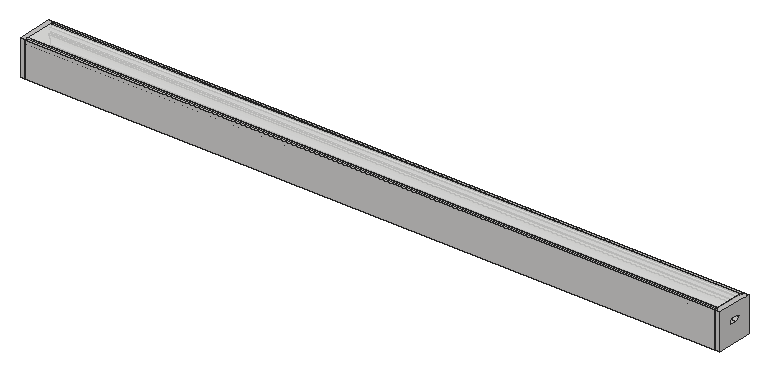
Revit family "Lighting - Luminii - Bosca static white wet - Array", category Lighting Fixtures, host Face, Revit 2020
Family settings
  Host = Face
  Round Connector Dimension = Use Diameter
  Part Type = Normal
  OmniClass Number = 23.80.70.11.14.21
  OmniClass Title = Spots and Tracklight Specialties
  Cut with Voids When Loaded = No
  Light Source = No
  Shared = Yes
  Room Calculation Point = No
Parameters (values of type "Bosca Static White Wet - High Efficacy")
  Width = 77/128"  # constant formula
  Wattage Comments = "2.8 W/ft"
  Warranty URL = "https://www.luminii.com/terms-conditions/"
  Voltage Comments = "120VAC - 277VAC"  # constant formula
  Voltage = 120 V
  Version = "2020 - v1.0a"  # constant formula
  URL = "https://www.luminii.com/"
  Support Phone = "224-699-9545"  # constant formula
  Support Email = "mailto:support@bimsmith.com"
  Product Page URL = "https://www.luminii.com/product/bosca-wet-static-white/"
  Product Name = "Bosca – Static White Wet"  # constant formula
  Product Documentation Link = "https://www.luminii.com/wp-content/uploads/z_special_catalog_products/products/bosca-wet-static-white/specsheets/Bosca-Wet-Static-White-Spec.pdf"
  Power Source Type = "Driver"  # constant formula
  Power Factor = 1
  Phase = 1
  Output Option [instance] = if(High Color Quality, "72SO | 72HO | 72VHO", "HE48LO | HE48SO | HE48MO | HE48HO | HE64VHO")  # "HE48LO | HE48SO | HE48MO | HE48HO | HE64VHO"
  Output [instance] = if(High Color Quality, "High Color Quality", "High Efficacy")  # "High Efficacy"
  Operating Temperature = "Consult Manufacturer Website for more Information"  # constant formula
  Number of Poles = if(and(or(Voltage = 120 V, Voltage = 277 V), Phase = 1), 1, if(and(or(Voltage = 208 V, Voltage = 240 V), Phase = 1), 2, if(and(or(Voltage = 208 V, Voltage = 240 V), Phase = 3), 3, if(and(Voltage > 300 V, Phase = 1), 2, if(and(Voltage > 400 V, Phase = 3), 3, 1)))))  # 1
  Mounting Method = "Surface Mount"  # constant formula
  Model = "BOSW"
  Manufacturer Phone Number = "224-333-6033"  # constant formula
  Manufacturer Email = "mailto:info@luminii.com"
  Manufacturer Address = "7777 N Merrimac Ave, Niles, IL 60714"  # constant formula
  Manufacturer = "Luminii"  # constant formula
  Lumen Output = "129 lm/ft"
  Load Classification = Lighting
  Lens Material = Plastic - Luminii - Frosted Lens
  Length Comments [instance] = "Perfomance based on 1\" Photometric Web File, consult Manufacturer for custom sizes"  # constant formula
  Length [instance] = if(Desired Length < 12", 12", if(Desired Length > 144", 144", (round(Desired Length / 1")) * 1"))  # 12"
  Lamp Life = 1
  Lamp = "LED"  # constant formula
  C LED Number [instance] = Length / 1"  # 12
  Keynote = "26 50 00"
  Instruction Sheet Link = "https://www.luminii.com/wp-content/uploads/z_special_catalog_products/products/bosca-wet-static-white/install-guides/BOSCA_WET_instructions.pdf"
  Initial Color Comments = "Perfomance based on 3000K Photometric Web File"  # constant formula
  Housing Protection Rating = "IP68 Wet Rated"  # constant formula
  High Efficacy = not(High Color Quality)  # yes
  High Color Quality = no
  Has Dimming = 1 = 1  # yes
  Has Battery Backup = 0 = 1  # no
  Frequency Comments = ""  # constant formula
  Frequency = 60 Hz
  Finish = Metal - Luminii - Silver Anodized Aluminum
  Environment = "Indoor"  # constant formula
  Desired Length [instance] = 12"
  Description = "Linear Illumination System"  # constant formula
  Depth = 77/128"  # constant formula
  Default Elevation = 0"  # constant formula
  Current Amps = 50 A
  Copyright = "©2023 Luminii"  # constant formula
  built-in parameter 1114216 [instance] = 0  # (empty or 0)
  built-in parameter 1140040 [instance] = 1 = 1  # 1
  CCT = "3000K"
  C End Caps Width = 5/64"  # constant formula
  Assembly Code = "D5020230"
  Apparent Load = 2.7 VA
Types (2): name | Output Option | Output | High Efficacy | High Color Quality
  Bosca Static White Wet - High Color Quality | "72SO | 72HO | 72VHO" | "High Color Quality" | no | yes
  Bosca Static White Wet - High Efficacy | "HE48LO | HE48SO | HE48MO | HE48HO | HE64VHO" | "High Efficacy" | yes | no
Reference planes (in)
  plane 1 "Center (Front/Back)": y = 0
  plane 2: z = 0
  plane 3 "Center (Left/Right)": x = 0
  plane 4: x = -6
  plane 5: x = 6
  plane 6: y = 0.30078
  plane 7: y = -0.30078
  plane 8: x = -5.92187
  plane 9: x = 5.92188
  plane 10: z = 0.6123
Forms (in)
  Extrusion 1, solid, material "Metal - Luminii - Silver Anodized Aluminum", not visible
    sketch origin (0, 0, 0) x (1, 0, 0) y (0, 1, 0)
      loop
        circle (0, 0) r 0.5
    from 0 to -0.17225
  Sweep 2, solid, material "Metal - Luminii - Silver Anodized Aluminum" <- "Finish", detail levels medium+fine
    path origin (0, 0, 0) x (1, 0, 0) y (0, 1, 0)
      loop
        line (-5.92187, 0) -> (5.92188, 0)
    profile origin (0, 0, 0) x (0, 1, 0) y (0, 0, 1)
      loop
        line (0.3055, 0) -> (0.3055, 0.611) -> (0.27373, 0.611) -> (0.24047, 0.551) -> (0.26047, 0.51938) -> (0.26047, 0.48438) -> (0.22547, 0.48438) -> (0.19382, 0.49527) -> (0.19737, 0.46149)
        arc (0.19737, 0.46149) -> (0.22956, 0.37601) -> (0.2405, 0.28534) r 0.3813
        line (0.2405, 0.28534) -> (0.2405, 0.236) -> (-0.2405, 0.236) -> (-0.2405, 0.28534)
        arc (-0.2405, 0.28534) -> (-0.22956, 0.37601) -> (-0.19737, 0.46149) r 0.3813
        line (-0.19737, 0.46149) -> (-0.19382, 0.49527) -> (-0.22547, 0.48438) -> (-0.26047, 0.48438) -> (-0.26047, 0.51938) -> (-0.24047, 0.551) -> (-0.27373, 0.611) -> (-0.3055, 0.611) -> (-0.3055, 0) -> (-0.20824, 0) -> (-0.18822, 0.055) -> (-0.2405, 0.055) -> (-0.2405, 0.155) -> (0.2405, 0.155) -> (0.2405, 0.055) -> (0.18822, 0.055) -> (0.20824, 0) -> (0.3055, 0)
  Sweep 3, solid, material "Plastic - Luminii - Frosted Lens" <- "Lens Material", detail levels medium+fine
    path origin (0, 0, 0) x (1, 0, 0) y (0, 1, 0)
      loop
        line (-5.92187, 0) -> (5.92188, 0)
    profile origin (0, 0, 0) x (0, 1, 0) y (0, 0, 1)
      loop
        line (0.20314, 0.5723) -> (0.22794, 0.4912) -> (0.25556, 0.51054) -> (0.23502, 0.55128) -> (0.25632, 0.58818)
        arc (0.25632, 0.58818) -> (0.25632, 0.60426) -> (0.24239, 0.6123) r 0.01608
        line (0.24239, 0.6123) -> (-0.24239, 0.6123)
        arc (-0.24239, 0.6123) -> (-0.25632, 0.60426) -> (-0.25632, 0.58818) r 0.01608
        line (-0.25632, 0.58818) -> (-0.23502, 0.55128) -> (-0.25556, 0.51054) -> (-0.22794, 0.4912) -> (-0.20314, 0.5723) -> (0.20314, 0.5723)
  Sweep 4, solid, material "Metal - Luminii - Silver Anodized Aluminum" <- "Finish", detail levels medium+fine
    path origin (0, 0, 0) x (1, 0, 0) y (0, 1, 0)
      loop
        line (-5.92187, 0) -> (-6, 0)
    profile origin (-5.96094, 0, 0) x (0, -1, 0) y (0, 0, 1)
      loop
        arc (-0.05014, 0.403) -> (-0.09814, 0.355) -> (-0.05014, 0.307) r 0.048
        line (-0.05014, 0.307) -> (0.05014, 0.307)
        arc (0.05014, 0.307) -> (0.09814, 0.355) -> (0.05014, 0.403) r 0.048
        line (0.05014, 0.403) -> (-0.05014, 0.403)
      loop
        line (0.3055, 0.611) -> (-0.3055, 0.611) -> (-0.3055, 0) -> (0.3055, 0) -> (0.3055, 0.611)
  Sweep 5, solid, material "Metal - Luminii - Silver Anodized Aluminum" <- "Finish", detail levels medium+fine
    path origin (0, 0, 0) x (-1, 0, 0) y (0, 1, 0)
      loop
        line (-5.92187, 0) -> (-6, 0)
    profile origin (5.96094, 0, 0) x (0, 1, 0) y (0, 0, 1)
      loop
        line (-0.3055, 0.611) -> (-0.3055, 0) -> (0.3055, 0) -> (0.3055, 0.611) -> (-0.3055, 0.611)
      loop
        line (0.05014, 0.403) -> (-0.05014, 0.403)
        arc (-0.05014, 0.403) -> (-0.09814, 0.355) -> (-0.05014, 0.307) r 0.048
        line (-0.05014, 0.307) -> (0.05014, 0.307)
        arc (0.05014, 0.307) -> (0.09814, 0.355) -> (0.05014, 0.403) r 0.048
  Sweep 6, solid, material "Metal - Luminii - Silver Anodized Aluminum" <- "Finish", detail levels coarse
    path origin (0, 0, 0) x (1, 0, 0) y (0, 1, 0)
      loop
        line (-5.92187, 0) -> (-6, 0)
    profile origin (-5.96094, 0, 0) x (0, -1, 0) y (0, 0, 1)
      loop
        line (0.3055, 0.611) -> (-0.3055, 0.611) -> (-0.3055, 0) -> (0.3055, 0) -> (0.3055, 0.611)
  Sweep 7, solid, material "Metal - Luminii - Silver Anodized Aluminum" <- "Finish", detail levels coarse
    path origin (0, 0, 0) x (-1, 0, 0) y (0, 1, 0)
      loop
        line (-5.92187, 0) -> (-6, 0)
    profile origin (5.96094, 0, 0) x (0, 1, 0) y (0, 0, 1)
      loop
        line (-0.3055, 0.611) -> (-0.3055, 0) -> (0.3055, 0) -> (0.3055, 0.611) -> (-0.3055, 0.611)
  Sweep 8, solid, material "Metal - Luminii - Silver Anodized Aluminum" <- "Finish", detail levels coarse
    path origin (0, 0, 0) x (1, 0, 0) y (0, 1, 0)
      loop
        line (-5.92187, 0) -> (5.92188, 0)
    profile origin (0, 0, 0) x (0, 1, 0) y (0, 0, 1)
      loop
        line (0.3055, 0) -> (0.3055, 0.611) -> (0.27373, 0.611) -> (0.27373, 0.48438) -> (0, 0.48438) -> (-0.27373, 0.48438) -> (-0.27373, 0.611) -> (-0.3055, 0.611) -> (-0.3055, 0) -> (-0.20824, 0) -> (-0.18822, 0.055) -> (-0.2405, 0.055) -> (-0.2405, 0.155) -> (0.2405, 0.155) -> (0.2405, 0.055) -> (0.18822, 0.055) -> (0.20824, 0) -> (0.3055, 0)
  Sweep 9, solid, material "Plastic - Luminii - Frosted Lens" <- "Lens Material", detail levels coarse
    path origin (0, 0, 0) x (1, 0, 0) y (0, 1, 0)
      loop
        line (-5.92187, 0) -> (5.92188, 0)
    profile origin (0, 0, 0) x (0, 1, 0) y (0, 0, 1)
      loop
        line (-0.25847, 0.6123) -> (-0.25847, 0.48438) -> (0.25847, 0.48438) -> (0.25847, 0.6123) -> (-0.25847, 0.6123)
Dimensions and locks (in)
  equal spacing: plane 4, plane 3 "Center (Left/Right)", plane 5
  equal spacing: plane 6, plane 1 "Center (Front/Back)", plane 7
  "Length": plane 4 to plane 5
  "Width": plane 6 to plane 7
  "C End Caps Width": plane 9 to plane 5
  "C End Caps Width": plane 4 to plane 8
  equal spacing: group 1, group 3, group 4, group 5, group 6, group 7, group 8, group 9, group 10, group 11, group 12, group 2  (x3)
  aligned and locked: plane 2 to host face
  aligned and locked: plane 3 "Center (Left/Right)" to Extrusion 1 sketch curve
  aligned and locked: plane 1 "Center (Front/Back)" to Extrusion 1 sketch curve
  aligned and locked: plane 2 to Extrusion 1  (x2)
  aligned and locked: plane 8 to Sweep 2 sketch curve
  aligned and locked: plane 1 "Center (Front/Back)" to Sweep 2 sketch curve
  aligned and locked: plane 9 to Sweep 2 sketch curve
  aligned and locked: plane 1 "Center (Front/Back)" to Sweep 3 sketch curve
  aligned and locked: plane 9 to Sweep 3 sketch curve
  aligned and locked: plane 8 to Sweep 3 sketch curve
  aligned and locked: Sweep 4 sketch curve to plane 1 "Center (Front/Back)"
  aligned and locked: plane 8 to Sweep 4 sketch curve
  aligned and locked: plane 4 to Sweep 4 sketch curve
  aligned and locked: plane 9 to Sweep 5 sketch curve
  aligned and locked: plane 5 to Sweep 5 sketch curve
  aligned and locked: plane 1 "Center (Front/Back)" to Sweep 5 sketch curve
  aligned and locked: Sweep 6 sketch curve to plane 1 "Center (Front/Back)"
  aligned and locked: Sweep 3 to Sweep 6 sketch curve
  aligned and locked: Sweep 4 to Sweep 6 sketch curve
  aligned and locked: plane 2 to Sweep 6 sketch curve
  aligned and locked: plane 1 "Center (Front/Back)" to Sweep 7 sketch curve
  aligned and locked: plane 5 to Sweep 7 sketch curve
  aligned and locked: plane 9 to Sweep 7 sketch curve
  aligned and locked: Sweep 7 sketch curve to plane 2
  aligned and locked: plane 1 "Center (Front/Back)" to Sweep 8 sketch curve
  aligned and locked: plane 9 to Sweep 8 sketch curve
  aligned and locked: plane 8 to Sweep 8 sketch curve
  aligned and locked: Sweep 8 sketch curve to plane 2
  aligned and locked: plane 8 to Sweep 9 sketch curve
  aligned and locked: plane 1 "Center (Front/Back)" to Sweep 9 sketch curve
  aligned and locked: plane 9 to Sweep 9 sketch curve
  aligned and locked: Sweep 9 sketch curve to plane 2
  aligned and locked: plane 2 to nested 1
  aligned and locked: plane 4 to nested 1
  aligned and locked: plane 1 "Center (Front/Back)" to nested 1
  aligned and locked: plane 5 to nested 2
  aligned and locked: plane 1 "Center (Front/Back)" to nested 2
  aligned and locked: plane 2 to nested 2
Automatic sketch dimensions
  host sketch curve to host sketch curve = 96"  (x2)
  Sweep 5 sketch curve to profile plane = 0.3055"
  level to Sweep 5 sketch curve = 0.611"
  profile plane to Sweep 5 sketch curve = 0.3055"
  Sweep 5 sketch curve to level = 0"
  Sweep 2 sketch curve to level = 0"  (x2)
  Sweep 2 sketch curve to Sweep 2 sketch curve = 0.03177"
  Sweep 2 sketch curve to Sweep 2 sketch curve = 0.01326"
  Sweep 2 sketch curve to Sweep 2 sketch curve = 0.01997"
  Sweep 2 sketch curve to Sweep 2 sketch curve = 0.065"  (x2)
  Sweep 2 sketch curve to Sweep 2 sketch curve = 0.02"
  Sweep 2 sketch curve to Sweep 2 sketch curve = 0.035"  (x4)
  Sweep 2 sketch curve to Sweep 2 sketch curve = 0.03226"
  Sweep 2 sketch curve to Sweep 2 sketch curve = 0.0281"
  Sweep 2 sketch curve to Sweep 2 sketch curve = 0.03165"  (x2)
  level to Sweep 2 sketch curve = 0.055"  (x2)
  Sweep 2 sketch curve to Sweep 2 sketch curve = 0.05228"  (x2)
  Sweep 2 sketch curve to Sweep 2 sketch curve = 0.0997"  (x2)
  Sweep 2 sketch curve to profile plane = 0.1408"
  Sweep 2 sketch curve to profile plane = 0.18822"
  Sweep 2 sketch curve to profile plane = 0.19382"
  Sweep 2 sketch curve to Sweep 2 sketch curve = 0.00355"
  Sweep 2 sketch curve to Sweep 2 sketch curve = 0.02002"
  Sweep 2 sketch curve to Sweep 2 sketch curve = 0.015"
  Sweep 2 sketch curve to Sweep 2 sketch curve = 0.03326"
  Sweep 2 sketch curve to Sweep 2 sketch curve = 0.1"
  Sweep 2 sketch curve to Sweep 2 sketch curve = 0.04934"
  Sweep 2 sketch curve to Sweep 2 sketch curve = 0"
  Sweep 2 sketch curve to Sweep 2 sketch curve = 0.02289"  (x2)
  Sweep 2 sketch curve to Sweep 2 sketch curve = 0.0109"  (x2)
  Sweep 2 sketch curve to Sweep 2 sketch curve = 0.03162"  (x2)
  Sweep 2 sketch curve to Sweep 2 sketch curve = 0.06"  (x2)
  profile plane to Sweep 2 sketch curve = 0.2405"
  Sweep 2 sketch curve to Sweep 2 sketch curve = 0.081"
  Sweep 4 sketch curve to level = 0"
  profile plane to Sweep 4 sketch curve = 0.3055"
  profile plane to Sweep 4 sketch curve = 0.05014"
  Sweep 4 sketch curve to profile plane = 0.05014"
  Sweep 4 sketch curve to profile plane = 0.3055"
  level to Sweep 4 sketch curve = 0.307"
  Sweep 4 sketch curve to Sweep 4 sketch curve = 0.048"
  Sweep 4 sketch curve to Sweep 4 sketch curve = 0.208"
  profile plane to Sweep 5 sketch curve = 0.05014"
  Sweep 5 sketch curve to profile plane = 0.05014"
  level to Sweep 5 sketch curve = 0.307"
  Sweep 5 sketch curve to Sweep 5 sketch curve = 0.048"
  profile plane to Sweep 3 sketch curve = 0.25632"
  Sweep 3 sketch curve to Sweep 3 sketch curve = 0.00076"
  Sweep 3 sketch curve to Sweep 3 sketch curve = 0.01393"  (x2)
  Sweep 3 sketch curve to Sweep 3 sketch curve = 0.0213"
  Sweep 3 sketch curve to Sweep 3 sketch curve = 0.02763"  (x2)
  Sweep 3 sketch curve to Sweep 3 sketch curve = 0.03188"  (x2)
  Sweep 3 sketch curve to profile plane = 13/64"
  Sweep 3 sketch curve to Sweep 3 sketch curve = 0.0248"
  Sweep 3 sketch curve to Sweep 3 sketch curve = 0.03925"
  level to Sweep 3 sketch curve = 0.4912"
  Sweep 3 sketch curve to Sweep 3 sketch curve = 0"
  Sweep 3 sketch curve to Sweep 3 sketch curve = 0.01934"  (x2)
  Sweep 3 sketch curve to Sweep 3 sketch curve = 0.04074"  (x2)
  Sweep 3 sketch curve to Sweep 3 sketch curve = 0.02102"
  Sweep 3 sketch curve to Sweep 3 sketch curve = 0.0369"  (x2)
  Sweep 3 sketch curve to Sweep 3 sketch curve = 0.00804"
  Sweep 6 sketch curve to level = 0"
  profile plane to Sweep 6 sketch curve = 0.3055"
  Sweep 6 sketch curve to profile plane = 0.3055"
  level to Sweep 6 sketch curve = 0.611"
  Sweep 7 sketch curve to level = 0"
  profile plane to Sweep 7 sketch curve = 0.3055"
  Sweep 7 sketch curve to profile plane = 0.3055"
  level to Sweep 7 sketch curve = 0.611"
  Sweep 8 sketch curve to level = 0"  (x2)
  Sweep 8 sketch curve to profile plane = 0"
  level to Sweep 8 sketch curve = 0.055"  (x2)
  profile plane to Sweep 8 sketch curve = 0.18822"
  Sweep 8 sketch curve to Sweep 8 sketch curve = 0.02002"  (x2)
  Sweep 8 sketch curve to Sweep 8 sketch curve = 0.05228"  (x2)
  profile plane to Sweep 8 sketch curve = 0.27373"
  Sweep 8 sketch curve to Sweep 8 sketch curve = 0.065"
  Sweep 8 sketch curve to profile plane = 0.18822"
  Sweep 8 sketch curve to profile plane = 0.27373"
  Sweep 8 sketch curve to Sweep 8 sketch curve = 0.03177"
  Sweep 8 sketch curve to Sweep 8 sketch curve = 0.1"
  Sweep 8 sketch curve to Sweep 8 sketch curve = 0.32938"
  Sweep 8 sketch curve to Sweep 8 sketch curve = 0.12662"  (x2)
  profile plane to Sweep 9 sketch curve = 0.25847"
  Sweep 9 sketch curve to profile plane = 0.25847"
  level to Sweep 9 sketch curve = 31/64"
  Sweep 9 sketch curve to Sweep 9 sketch curve = 0.12793"
  radius of Extrusion 1 sketch curve = 1/2"
Nested families (in)
  nested 1: "Lighting - Luminii - Bosca static white wet - Nested Light Source" at (-5.5, 0, 0), type "Default"
    with Output Option "72SO | 72HO | 72VHO", Output "High Color Quality", Length Comments "Perfomance based on 1\" Photometric Web File, consult Manufacturer for custom sizes", Length 1", Desired Length 12", built-in parameter 1114216 (empty or 0), built-in parameter 1140040 1
  nested 2: "Lighting - Luminii - Bosca static white wet - Nested Light Source" at (5.5, 0, 0), type "Default"
    with Output Option "72SO | 72HO | 72VHO", Output "High Color Quality", Length Comments "Perfomance based on 1\" Photometric Web File, consult Manufacturer for custom sizes", Length 1", Desired Length 12", built-in parameter 1114216 (empty or 0), built-in parameter 1140040 1
  nested 3: "Lighting - Luminii - Bosca static white wet - Nested Light Source" at (-4.5, 0, 0), type "Default"
    with Output Option "72SO | 72HO | 72VHO", Output "High Color Quality", Length Comments "Perfomance based on 1\" Photometric Web File, consult Manufacturer for custom sizes", Length 1", Desired Length 12", built-in parameter 1114216 (empty or 0), built-in parameter 1140040 1
  nested 4: "Lighting - Luminii - Bosca static white wet - Nested Light Source" at (-3.5, 0, 0), type "Default"
    with Output Option "72SO | 72HO | 72VHO", Output "High Color Quality", Length Comments "Perfomance based on 1\" Photometric Web File, consult Manufacturer for custom sizes", Length 1", Desired Length 12", built-in parameter 1114216 (empty or 0), built-in parameter 1140040 1
  nested 5: "Lighting - Luminii - Bosca static white wet - Nested Light Source" at (-2.5, 0, 0), type "Default"
    with Output Option "72SO | 72HO | 72VHO", Output "High Color Quality", Length Comments "Perfomance based on 1\" Photometric Web File, consult Manufacturer for custom sizes", Length 1", Desired Length 12", built-in parameter 1114216 (empty or 0), built-in parameter 1140040 1
  nested 6: "Lighting - Luminii - Bosca static white wet - Nested Light Source" at (-1.5, 0, 0), type "Default"
    with Output Option "72SO | 72HO | 72VHO", Output "High Color Quality", Length Comments "Perfomance based on 1\" Photometric Web File, consult Manufacturer for custom sizes", Length 1", Desired Length 12", built-in parameter 1114216 (empty or 0), built-in parameter 1140040 1
  nested 7: "Lighting - Luminii - Bosca static white wet - Nested Light Source" at (-0.5, 0, 0), type "Default"
    with Output Option "72SO | 72HO | 72VHO", Output "High Color Quality", Length Comments "Perfomance based on 1\" Photometric Web File, consult Manufacturer for custom sizes", Length 1", Desired Length 12", built-in parameter 1114216 (empty or 0), built-in parameter 1140040 1
  nested 8: "Lighting - Luminii - Bosca static white wet - Nested Light Source" at (0.5, 0, 0), type "Default"
    with Output Option "72SO | 72HO | 72VHO", Output "High Color Quality", Length Comments "Perfomance based on 1\" Photometric Web File, consult Manufacturer for custom sizes", Length 1", Desired Length 12", built-in parameter 1114216 (empty or 0), built-in parameter 1140040 1
  nested 9: "Lighting - Luminii - Bosca static white wet - Nested Light Source" at (1.5, 0, 0), type "Default"
    with Output Option "72SO | 72HO | 72VHO", Output "High Color Quality", Length Comments "Perfomance based on 1\" Photometric Web File, consult Manufacturer for custom sizes", Length 1", Desired Length 12", built-in parameter 1114216 (empty or 0), built-in parameter 1140040 1
  nested 10: "Lighting - Luminii - Bosca static white wet - Nested Light Source" at (2.5, 0, 0), type "Default"
    with Output Option "72SO | 72HO | 72VHO", Output "High Color Quality", Length Comments "Perfomance based on 1\" Photometric Web File, consult Manufacturer for custom sizes", Length 1", Desired Length 12", built-in parameter 1114216 (empty or 0), built-in parameter 1140040 1
  nested 11: "Lighting - Luminii - Bosca static white wet - Nested Light Source" at (3.5, 0, 0), type "Default"
    with Output Option "72SO | 72HO | 72VHO", Output "High Color Quality", Length Comments "Perfomance based on 1\" Photometric Web File, consult Manufacturer for custom sizes", Length 1", Desired Length 12", built-in parameter 1114216 (empty or 0), built-in parameter 1140040 1
  nested 12: "Lighting - Luminii - Bosca static white wet - Nested Light Source" at (4.5, 0, 0), type "Default"
    with Output Option "72SO | 72HO | 72VHO", Output "High Color Quality", Length Comments "Perfomance based on 1\" Photometric Web File, consult Manufacturer for custom sizes", Length 1", Desired Length 12", built-in parameter 1114216 (empty or 0), built-in parameter 1140040 1
Connectors (in)
  electrical at (0, 0, 0), driven by "Number of Poles", driven by "Load Classification", driven by "Voltage", driven by "Apparent Load", driven by "Power Factor"
    settings: on Extrusion 1, index 1, voltage 120 V, apparent load 2.7 VA, apparent load phase1 0 VA, apparent load phase2 0 VA, apparent load phase3 0 VA, power factor 1, load classification "Lighting", number of poles 1, system type 30, power factor state 1, is connector primary yes, connector utility no, sub classification motor no, connector description "Power Connection"
Definition of nested family "Lighting - Luminii - Bosca static white wet - Nested Light Source"
  Parameters (values of type "Default")
    Width = 77/128"  # constant formula
    Wattage Comments = "2.8 W/ft"
    Wattage = 2.7 W
    Warranty URL = "https://www.luminii.com/terms-conditions/"
    built-in parameter 1150110 = 1 (stored number, unit not read)
    Voltage Comments = "120VAC - 277VAC"  # constant formula
    Voltage = 120 V
    Version = "2020 - v1.0a"  # constant formula
    URL = "https://www.luminii.com/"
    built-in parameter 1114217 = 1 (stored number, unit not read)
    Tilt Angle = -90.00°  # constant formula
    built-in parameter 1150109 = 1 (stored number, unit not read)
    built-in parameter 1150134 = (empty or 0)
    built-in parameter 1150113 = 1 (stored number, unit not read)
    Support Phone = "224-699-9545"  # constant formula
    Support Email = "mailto:support@bimsmith.com"
    Product Page URL = "https://www.luminii.com/product/bosca-wet-static-white/"
    Product Name = "Bosca – Static White Wet"  # constant formula
    Product Documentation Link = "https://www.luminii.com/wp-content/uploads/z_special_catalog_products/products/bosca-wet-static-white/specsheets/Bosca-Wet-Static-White-Spec.pdf"
    Power Source Type = "Driver"  # constant formula
    Power Factor = 1
    Photometric Web File = "BOSW-48-30K-LL72VHO-G.IES"
    Phase = 1
    Output Option [instance] = if(High Color Quality, "72SO | 72HO | 72VHO", "HE48LO | HE48SO | HE48MO | HE48HO | HE64VHO")  # "72SO | 72HO | 72VHO"
    Output [instance] = if(High Color Quality, "High Color Quality", "High Efficacy")  # "High Color Quality"
    Operating Temperature = "Consult Manufacturer Website for more Information"  # constant formula
    Number of Poles = if(and(or(Voltage = 120 V, Voltage = 277 V), Phase = 1), 1, if(and(or(Voltage = 208 V, Voltage = 240 V), Phase = 1), 2, if(and(or(Voltage = 208 V, Voltage = 240 V), Phase = 3), 3, if(and(Voltage > 300 V, Phase = 1), 2, if(and(Voltage > 400 V, Phase = 3), 3, 1)))))  # 1
    Mounting Method = "Surface Mount"  # constant formula
    Model = "BOSW"
    Manufacturer Phone Number = "224-333-6033"  # constant formula
    Manufacturer Email = "mailto:info@luminii.com"
    Manufacturer Address = "7777 N Merrimac Ave, Niles, IL 60714"  # constant formula
    Manufacturer = "Luminii"  # constant formula
    built-in parameter 1150105 = 79.295 (stored number, unit not read)
    Lumens = 124.2 lm
    built-in parameter 1150115 = 1 (stored number, unit not read)
    Lumen Output = "129 lm/ft"
    Load Classification = none
    built-in parameter 1150137 = (empty or 0)
    built-in parameter 1150139 = (empty or 0)
    Lens Material = none
    Length Comments [instance] = "Perfomance based on 1\" Photometric Web File, consult Manufacturer for custom sizes"  # constant formula
    Length [instance] = 1"  # constant formula
    built-in parameter 1150112 = 1 (stored number, unit not read)
    built-in parameter 1150114 = 1 (stored number, unit not read)
    Lamp Life = 1
    Lamp = "LED"  # constant formula
    Keynote = "26 50 00"
    Instruction Sheet Link = "https://www.luminii.com/wp-content/uploads/z_special_catalog_products/products/bosca-wet-static-white/install-guides/BOSCA_WET_instructions.pdf"
    built-in parameter 1150132 = (empty or 0)
    built-in parameter 1150102 = (empty or 0)
    built-in parameter 1150107 = 3000 (stored number, unit not read)
    Initial Color Comments = "Perfomance based on 3500K Photometric Web File"  # constant formula
    built-in parameter 1150138 = (empty or 0)
    built-in parameter 1150106 = 0.79295 (stored number, unit not read)
    Housing Protection Rating = "IP68 Wet Rated"  # constant formula
    High Efficacy = not(High Color Quality)  # no
    High Color Quality = yes
    Has Dimming = 1 = 1  # yes
    Has Battery Backup = 0 = 1  # no
    Frequency Comments = ""  # constant formula
    Frequency = 60 Hz
    Finish = none
    Environment = "Indoor"  # constant formula
    Emit from Rectangle Width = Width  # 77/128"
    Emit from Rectangle Length = 1"  # constant formula
    Emit Shape Visible in Rendering = yes
    built-in parameter 1150104 = 4.2735 (stored number, unit not read)
    Dimming Lamp Color Temperature Shift = (empty or 0)
    Desired Length [instance] = 12"
    Description = "Linear Illumination System"  # constant formula
    Depth = 77/128"  # constant formula
    Default Elevation = 0"  # constant formula
    Current Amps = 50 A
    Copyright = "©2023 Luminii"  # constant formula
    Color Filter = 16777215
    built-in parameter 1114216 [instance] = 0  # (empty or 0)
    built-in parameter 1140040 [instance] = 1 = 1  # 1
    CCT = "3000K"
    C End Caps Width = 5/64"  # constant formula
    built-in parameter 1114218 = 1 (stored number, unit not read)
    built-in parameter 1150133 = 10 (stored number, unit not read)
    Assembly Code = "D5020230"
    Apparent Load = Wattage / Power Factor  # 2.7 VA
  Reference planes (in)
    plane 1 "Center (Front/Back)": y = 0
    plane 2: z = 0
    plane 3 "Center (Left/Right)": x = 0
    plane 4: x = -0.5
    plane 5: x = 0.5
    plane 6: y = 0.30078
    plane 7: y = -0.30078
    plane 8: x = -0.42187
    plane 9: x = 0.42188
    plane 10: z = 0.6123
  Forms (in)
    Extrusion 1, solid
      sketch origin (0, 0, 0) x (1, 0, 0) y (0, 1, 0)
        loop
          line (-48, 48) -> (-48, -48) -> (48, -48) -> (48, 48) -> (-48, 48)
      from 0 to -12
    Extrusion 2, solid, not visible
      sketch origin (0, 0, 0) x (1, 0, 0) y (0, 1, 0)
        loop
          circle (0, 0) r 0.5
      from 0 to -0.17225
  Dimensions and locks (in)
    equal spacing: plane 4, plane 3 "Center (Left/Right)", plane 5
    equal spacing: plane 6, plane 1 "Center (Front/Back)", plane 7
    "Length": plane 4 to plane 5
    "Width": plane 6 to plane 7
    "C End Caps Width": plane 9 to plane 5
    "C End Caps Width": plane 4 to plane 8
    aligned and locked: plane 2 to Extrusion 1
    aligned and locked: plane 3 "Center (Left/Right)" to Extrusion 2 sketch curve
    aligned and locked: plane 1 "Center (Front/Back)" to Extrusion 2 sketch curve
    aligned and locked: plane 2 to Extrusion 2  (x2)
    aligned and locked: imposter light to plane 3 "Center (Left/Right)"
    aligned and locked: imposter light to plane 1 "Center (Front/Back)"
    aligned and locked: imposter light to plane 10
  Automatic sketch dimensions
    Extrusion 1 sketch curve to Extrusion 1 sketch curve = 96"  (x2)
    radius of Extrusion 2 sketch curve = 1/2"
  Connectors (in)
    electrical at (0, 0, 0), driven by "Number of Poles", driven by "Load Classification", driven by "Voltage", driven by "Apparent Load", driven by "Power Factor"
      settings: on Extrusion 2, index 1, voltage 120 V, apparent load 2.7 VA, apparent load phase1 0 VA, apparent load phase2 0 VA, apparent load phase3 0 VA, power factor 1, load classification none, number of poles 1, system type 30, power factor state 1, is connector primary yes, connector utility no, sub classification motor no, connector description "Power Connection"
